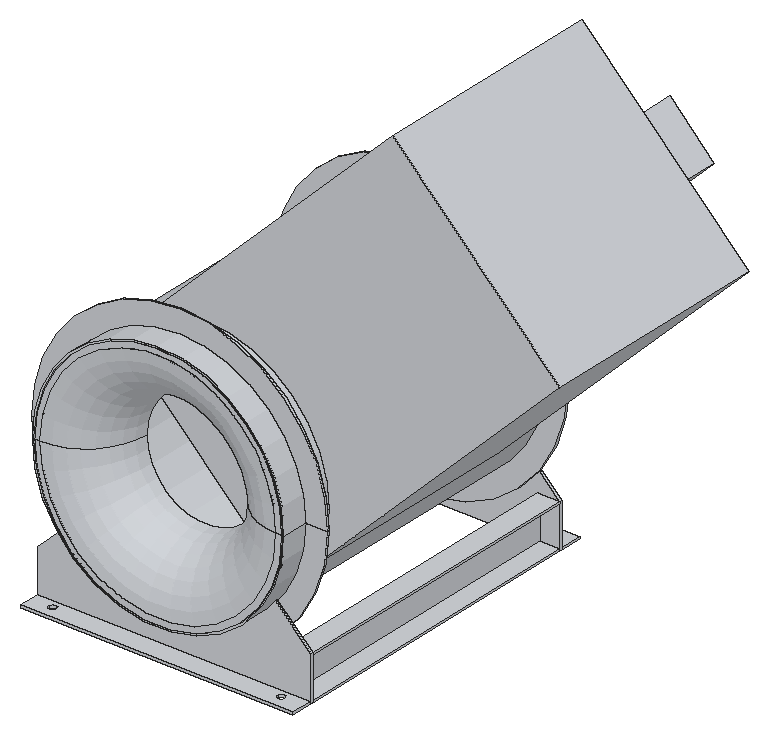
Revit family "QMX-HP_Horizontal", category Mechanical Equipment, Revit 2019
Family settings
  Round Connector Dimension = Use Radius
  Part Type = Normal
  Work Plane-Based = No
  Always vertical = Yes
  Cut with Voids When Loaded = No
  Shared = No
  Room Calculation Point = No
Parameters (values of type "120-QMX-HP_HOR_MOTOR_B")
  Unit Weight [instance] = ""
  Sones [instance] = ""
  ROTATION = 45.00°  # constant formula
  POSITION = 1' - 0"
  Motor RPM [instance] = ""
  Motor Enclosure [instance] = ""
  ModelID [instance] = ""
  MOT_H = POSITION = 7' 0"  # no
  MOT_G = POSITION = 6' 0"  # no
  MOT_F = POSITION = 5' 0"  # no
  MOT_E = POSITION = 4' 0"  # no
  MOT_D = POSITION = 3' 0"  # no
  MOT_C = POSITION = 2' 0"  # no
  MOT_B = POSITION = 1' 0"  # yes
  MOT_A = POSITION = 0' 0"  # no
  MOTOR_H = if(POSITION = 7' 0", E - D, 0' 1")  # 0' - 1"
  MOTOR_G = if(POSITION = 6' 0", E - D, 0' 1")  # 0' - 1"
  MOTOR_F = if(POSITION = 5' 0", E - D, 0' 1")  # 0' - 1"
  MOTOR_E = if(POSITION = 4' 0", E - D, 0' 1")  # 0' - 1"
  MOTOR_D = if(POSITION = 3' 0", E - D, 0' 1")  # 0' - 1"
  MOTOR_C = if(POSITION = 2' 0", E - D, 0' 1")  # 0' - 1"
  MOTOR_B = if(POSITION = 1' 0", E - D, 0' 1")  # 2' - 2 3/16"
  MOTOR_A = if(POSITION = 0' 0", E - D, 0' 1")  # 0' - 1"
  MCHALF = 0' - 8"
  MOTORCOVER = MCHALF * 2  # 1' - 4"
  LwA [instance] = ""
  H/2 = H / 2  # 0' - 0 1/4"
  H = 0' - 0 1/2"
  G/2 = G / 2  # 0' - 11 1/4"
  Fan RPM [instance] = ""
  Brake Hp [instance] = ""
  Accessories [instance] = ""
  90 = 90.00°  # constant formula
  45 = 45.00°
  3 = 0' - 3"  # constant formula
  1.9375 = 0' - 1 15/16"  # constant formula
  -B/3*2 = -B / 3 * 2  # -1' - 4"
  -(G/2)-.75 = -((G / 2) - 0' 0 3/4")  # -0' - 10 1/2"
  (G/2)-.75 = (G / 2) - 0' 0 3/4"  # 0' - 10 1/2"
  G+1.5 = G + 0' 1 1/2"  # 2' - 0"
  G = 1' - 10 1/2"
  F/2 = F / 2  # 0' - 7 3/4"
  F-1.5 = F - 0' 1 1/2"  # 1' - 2"
  F+1.5 = F + 0' 1 1/2"  # 1' - 5"
  F = 1' - 3 1/2"
  E-D-1.5 = E - D - 0' 1 1/2"  # 2' - 0 11/16"
  E-D = E - D  # 2' - 2 3/16"
  E = 3' - 0 11/16"
  D = 0' - 10 1/2"
  C/2 = C / 2  # 0' - 10 1/32"
  C = 1' - 8 1/16"
  B/8 = B / 6  # 0' - 4"
  B/6 = B / 6  # 0' - 4"
  B/3*2 = B / 3 * 2  # 1' - 4"
  B/2 = B / 2  # 1' - 0"
  B/10 = B / 10  # 0' - 2.4"
  B = 2' - 0"
  A/8 = A / 8  # 0' - 2 17/128"
  A/4 = A / 4  # 0' - 4 17/64"
  A/2 = A / 2  # 0' - 8 17/32"
  A = 1' - 5 1/16"
  0 = 0' - 0"  # constant formula
  Voltage [instance] = 0 V
  URL = "www.lorencook.com"
  Type Comments = "Mixed Flow Inline High Pressure Horizontal Mount Belt Drive Arrangement 9"  # constant formula
  Static Pressure [instance] = 0.00 in-wg
  Power [instance] = Voltage * Motor FLA * sqrt(if(Phase = 3, 3, 1))  # 0 VA
  Phase [instance] = 0
  Number of Poles [instance] = 1
  Motor Hp [instance] = "0"
  Motor FLA [instance] = 0 A
  Model = "QMX-HP"  # constant formula
  Manufacturer = "Loren Cook Company"
  CFM [instance] = 0 CFM
  1.5 = 0' - 1 1/2"  # constant formula
  ONE EIGTH = 0' - 0 1/8"  # constant formula
  -(B/2) = -(B / 2)  # -1' - 0"
  (F+3)/2 = (F + 0' 3") / 2  # 0' - 9 1/4"
  (A/2)-.125 = (A / 2) - 0' 0 1/8"  # 0' - 8 13/32"
Reference planes (in)
  plane 1 "Center (Front/Back)": y = 0
  plane 2: z = 0
  plane 3 "Center (Left/Right)": x = 0.40541
Forms (in)
  Extrusion 1, solid
    sketch origin (0, 0, 0) x (1, 0, 0) y (0, 0, 1)
      loop
        circle (0.40541, 0) r 8.53125
      loop
        circle (0.40541, 0) r 8.40625
    from -12 <- "-(B/2)" to 12 <- "B/2"
  Revolve 2, solid
    sketch origin (0, 0, 0) x (1, 0, 0) y (0, 1, 0)
      loop
        line (-8.00084, -12) -> (0.40541, -12) -> (0.40541, -8) -> (-8.00084, -8) -> (-8.00084, -12)
      axis (0.40541, -12) -> (0.40541, -8)
    angle from 0 to 360
  Revolve 3, void
    sketch origin (0, 0, 0) x (1, 0, 0) y (0, 1, 0)
      loop
        line (0.40541, -8) -> (-3.59459, -8)
        arc (-3.59459, -8) -> (-4.76616, -10.82843) -> (-7.59459, -12) r 4
        line (-7.59459, -12) -> (0.40541, -12) -> (0.40541, -8)
      axis (0.40541, -8) -> (0.40541, -12)
    angle from 0 to 360
  Revolve 4, solid
    sketch origin (0, 0, 0) x (1, 0, 0) y (0, 1, 0)
      loop
        line (0.40541, 12) -> (-3.59459, 12) -> (-3.59459, 0) -> (0.40541, 0) -> (0.40541, 12)
      axis (0.40541, 12) -> (0.40541, 0)
    angle from 0 to 360
  Revolve 5, solid
    sketch origin (0, 0, 0) x (1, 0, 0) y (0, 1, 0)
      loop
        line (-9.62584, 10.3125) -> (-9.62584, 10.1875) -> (-8.12584, 10.1875) -> (-8.12584, 10.3125) -> (-9.62584, 10.3125)
      loop
        line (-9.62584, -10.0625) -> (-9.62584, -10.1875) -> (-8.12584, -10.1875) -> (-8.12584, -10.0625) -> (-9.62584, -10.0625)
      axis (0.40541, 10.3125) -> (0.40541, -10.1875)
    angle from 0 to 360
  Extrusion 6, solid, visible <- "MOT_A"
    sketch origin (0.40541, 10.1875, 0) x (-1, 0, 0) y (0, 0, -1)
      loop
        line (2.13281, 0) -> (-2.13281, 0) -> (-2.13281, -0.875) -> (2.13281, -0.875) -> (2.13281, 0)
    from 0 to 2.4 <- "B/10"
  Extrusion 7, solid, visible <- "MOT_A"
    sketch origin (0.40541, 7.7875, 0) x (-1, 0, 0) y (0, 0, -1)
      loop
        line (8, 0) -> (-8, 0) -> (-8, -1) -> (8, -1) -> (8, 0)
    from 0 to 16 <- "B/3*2"
  Extrusion 8, solid
    sketch origin (0, 0, 0) x (1, 0, 0) y (0, 0, 1)
      loop
        line (-8.84459, -7.5) -> (-8.84459, -7.625) -> (-7.46959, -7.625) -> (-7.46959, -10.375) -> (-8.84459, -10.375) -> (-8.84459, -10.5) -> (-7.34459, -10.5) -> (-7.34459, -7.5) -> (-8.84459, -7.5)
    from -10.5 <- "-(G/2)-.75" to 10.5 <- "(G/2)-.75"
  Extrusion 9, solid
    sketch origin (0.81082, 0, 0) x (-1, 0, 0) y (0, 0, -1)
      loop
        line (-8.84459, 7.5) -> (-7.34459, 7.5) -> (-7.34459, 10.5) -> (-8.84459, 10.5) -> (-8.84459, 10.375) -> (-7.46959, 10.375) -> (-7.46959, 7.625) -> (-8.84459, 7.625) -> (-8.84459, 7.5)
    from -10.5 <- "-(G/2)-.75" to 10.5 <- "(G/2)-.75"
  Extrusion 10, solid
    sketch origin (0, -10.5, 0) x (1, 0, 0) y (0, 0, 1)
      loop
        line (9.65541, -10.5) -> (9.65541, -7.5) -> (7.24912, -5.09371)
        arc (7.24912, -5.09371) -> (0.40541, -8.53125) -> (-6.4383, -5.09371) r 8.53125
        line (-6.4383, -5.09371) -> (-8.84459, -7.5) -> (-8.84459, -10.5) -> (9.65541, -10.5)
    from 0 to 0.125
  Extrusion 11, solid
    sketch origin (0, 10.5, 0) x (-1, 0, 0) y (0, 0, 1)
      loop
        line (8.84459, -10.5) -> (8.84459, -7.5) -> (6.4383, -5.09371)
        arc (6.4383, -5.09371) -> (-0.40541, -8.53125) -> (-7.24912, -5.09371) r 8.53125
        line (-7.24912, -5.09371) -> (-9.65541, -7.5) -> (-9.65541, -10.5) -> (8.84459, -10.5)
    from 0 to 0.125
  Extrusion 12, solid
    sketch origin (8.15541, 0, -10.5) x (0, -1, 0) y (-1, 0, 0)
      loop
        line (10.625, -1.5) -> (12.125, -1.5) -> (12.125, 17) -> (10.625, 17) -> (10.625, -1.5)
      loop
        line (-10.625, -1.5) -> (-10.625, 17) -> (-12.125, 17) -> (-12.125, -1.5) -> (-10.625, -1.5)
    from 0 to -0.125
  Extrusion 13, void
    sketch origin (8.15541, 0, -10.375) x (1, 0, 0) y (0, -1, 0)
      loop
        circle (0, 11.25) r 0.25
      loop
        circle (-15.5, 11.25) r 0.25
      loop
        circle (-15.5, -11.25) r 0.25
      loop
        circle (0, -11.25) r 0.25
    from 0 to 0.125
  Extrusion 14, solid, visible <- "MOT_B"
    sketch origin (0.40541, -8.2125, 0) x (-1, 0, 0) y (0, 0, -1)
      loop
        line (5.65685, -5.65685) -> (-5.65685, 5.65685) -> (-24.17421, -12.8605) -> (-12.8605, -24.17421) -> (5.65685, -5.65685)
    from 0 to -16 <- "-B/3*2"
  Extrusion 15, solid, visible <- "MOT_C"
    sketch origin (0.40541, -8.2125, 0) x (-1, 0, 0) y (0, 0, -1)
      loop
        line (-1, -8) -> (0, -8) -> (0, 8) -> (-1, 8) -> (-1, -8)
    from 0 to -16 <- "-B/3*2"
  Extrusion 16, solid, visible <- "MOT_D"
    sketch origin (0.40541, -8.2125, 0) x (-1, 0, 0) y (0, 0, -1)
      loop
        line (5.65685, 5.65685) -> (4.94975, 6.36396) -> (-6.36396, -4.94975) -> (-5.65685, -5.65685) -> (5.65685, 5.65685)
    from 0 to -16 <- "-B/3*2"
  Extrusion 17, solid, visible <- "MOT_E"
    sketch origin (0.40541, -8.2125, 0) x (-1, 0, 0) y (0, 0, -1)
      loop
        line (8, 1) -> (-8, 1) -> (-8, 0) -> (8, 0) -> (8, 1)
    from 0 to -16 <- "-B/3*2"
  Extrusion 18, solid, visible <- "MOT_F"
    sketch origin (0.40541, -8.2125, 0) x (-1, 0, 0) y (0, 0, -1)
      loop
        line (6.36396, -4.94975) -> (-4.94975, 6.36396) -> (-5.65685, 5.65685) -> (5.65685, -5.65685) -> (6.36396, -4.94975)
    from 0 to -16 <- "-B/3*2"
  Extrusion 19, solid, visible <- "MOT_G"
    sketch origin (0.40541, -8.2125, 0) x (-1, 0, 0) y (0, 0, -1)
      loop
        line (1, -8) -> (1, 8) -> (0, 8) -> (0, -8) -> (1, -8)
    from 0 to -16 <- "-B/3*2"
  Extrusion 20, solid, visible <- "MOT_H"
    sketch origin (0.40541, -8.2125, 0) x (-1, 0, 0) y (0, 0, -1)
      loop
        line (-4.94975, -6.36396) -> (6.36396, 4.94975) -> (5.65685, 5.65685) -> (-5.65685, -5.65685) -> (-4.94975, -6.36396)
    from 0 to -16 <- "-B/3*2"
  Extrusion 21, solid, visible <- "MOT_B"
    sketch origin (0.40541, 7.7875, 0) x (1, 0, 0) y (0, 0, -1)
      loop
        line (19.9371, -16.92084) -> (1.50813, 1.50813) -> (-1.50813, -1.50813) -> (16.92084, -19.9371) -> (19.9371, -16.92084)
    from 0 to 2.4 <- "B/10"
  Extrusion 22, solid, visible <- "MOT_C"
    sketch origin (0.40541, 7.7875, 0) x (1, 0, 0) y (0, 0, -1)
      loop
        line (0.875, -2.13281) -> (0.875, 2.13281) -> (0, 2.13281) -> (0, -2.13281) -> (0.875, -2.13281)
    from 0 to 2.4 <- "B/10"
  Extrusion 23, solid, visible <- "MOT_D"
    sketch origin (0.40541, 7.7875, 0) x (1, 0, 0) y (0, 0, -1)
      loop
        line (2.12684, -0.88941) -> (-0.88941, 2.12684) -> (-1.50813, 1.50813) -> (1.50813, -1.50813) -> (2.12684, -0.88941)
    from 0 to 2.4 <- "B/10"
  Extrusion 24, solid, visible <- "MOT_E"
    sketch origin (0.40541, 7.7875, 0) x (1, 0, 0) y (0, 0, -1)
      loop
        line (2.13281, 0.875) -> (-2.13281, 0.875) -> (-2.13281, 0) -> (2.13281, 0) -> (2.13281, 0.875)
    from 0 to 2.4 <- "B/10"
  Extrusion 25, solid, visible <- "MOT_F"
    sketch origin (0.40541, 7.7875, 0) x (1, 0, 0) y (0, 0, -1)
      loop
        line (1.50813, 1.50813) -> (0.88941, 2.12684) -> (-2.12684, -0.88941) -> (-1.50813, -1.50813) -> (1.50813, 1.50813)
    from 0 to 2.4 <- "B/10"
  Extrusion 26, solid, visible <- "MOT_G"
    sketch origin (0.40541, 7.7875, 0) x (1, 0, 0) y (0, 0, -1)
      loop
        line (0, -2.13281) -> (0, 2.13281) -> (-0.875, 2.13281) -> (-0.875, -2.13281) -> (0, -2.13281)
    from 0 to 2.4 <- "B/10"
  Extrusion 27, solid, visible <- "MOT_H"
    sketch origin (0.40541, 7.7875, 0) x (1, 0, 0) y (0, 0, -1)
      loop
        line (0.88941, -2.12684) -> (1.50813, -1.50813) -> (-1.50813, 1.50813) -> (-2.12684, 0.88941) -> (0.88941, -2.12684)
    from 0 to 2.4 <- "B/10"
Cuts and joins
  Revolve 3 cuts Revolve 2
  Extrusion 13 cuts Extrusion 8
  Extrusion 13 cuts Extrusion 9
  Extrusion 13 cuts Extrusion 10
  Extrusion 13 cuts Extrusion 11
  Extrusion 13 cuts Extrusion 12
Lines and regions (in)
  reference lines
    curve 1: line (0.40541, -10.5, 0) -> (-18.11195, -10.5, 18.51736)
    curve 2: line (0.40541, -10.5, 0) -> (18.92277, -10.5, 18.51736)
    curve 3: line (-18.11195, -10.5, -18.51736) -> (0.40541, -10.5, 0)
    curve 4: line (0.40541, -10.5, 0) -> (18.92277, -10.5, -18.51736)
Dimensions and locks (in)
  "0": Extrusion 1 sketch curve to level  (x2)
  "0": Revolve 2 sketch curve to plane 3 "Center (Left/Right)"  (x2)
  "0": Revolve 2 sketch curve to Extrusion 1
  "(A/2)-.125": Revolve 2 sketch curve to plane 3 "Center (Left/Right)"
  "B/8": Revolve 2 sketch curve to Extrusion 1
  "B/8": Revolve 3 sketch curve to plane 3 "Center (Left/Right)"
  "0": Revolve 3 sketch curve to Extrusion 1
  "0": Revolve 3 sketch curve to Revolve 2
  "0": Revolve 3 sketch curve to plane 3 "Center (Left/Right)"  (x2)
  "0": Revolve 4 sketch curve to plane 1 "Center (Front/Back)"
  "0": Revolve 4 sketch curve to plane 3 "Center (Left/Right)"  (x2)
  "B/8": Revolve 4 sketch curve to Revolve 4 sketch curve
  "ONE EIGTH": Revolve 5 sketch curve to Revolve 5 sketch curve  (x2)
  "A/2": Revolve 5 sketch curve to plane 3 "Center (Left/Right)"  (x2)
  "C/2": Revolve 5 sketch curve to plane 3 "Center (Left/Right)"  (x2)
  "0": Revolve 5 sketch curve to plane 3 "Center (Left/Right)"
  "(F+3)/2": plane 3 "Center (Left/Right)" to Extrusion 8 sketch curve
  "3": Extrusion 8 sketch curve to Extrusion 8 sketch curve
  "ONE EIGTH": Extrusion 8 sketch curve to Extrusion 8 sketch curve  (x3)
  "1.5": Extrusion 8 sketch curve to Extrusion 8 sketch curve
  "D": level to Extrusion 8 sketch curve
  "3": Extrusion 9 sketch curve to Extrusion 9 sketch curve
  "ONE EIGTH": Extrusion 9 sketch curve to Extrusion 9 sketch curve  (x3)
  "1.5": Extrusion 9 sketch curve to Extrusion 9 sketch curve
  "D": level to Extrusion 9 sketch curve
  "(F+3)/2": Extrusion 9 sketch curve to plane 3 "Center (Left/Right)"
  "0": Extrusion 10 sketch curve to plane 3 "Center (Left/Right)"
  "0": level to Extrusion 10 sketch curve
  "0": Extrusion 9 to Extrusion 10 sketch curve  (x3)
  "0": Extrusion 10 sketch curve to Extrusion 8  (x2)
  "0": Extrusion 10 sketch curve to Extrusion 10 sketch curve
  Extrusion 9 to Extrusion 10 = 0' - 0"
  "0": Extrusion 10 to Extrusion 11 sketch curve
  "0": Extrusion 11 sketch curve to level
  "0": Extrusion 11 sketch curve to plane 3 "Center (Left/Right)"
  "0": Extrusion 12 sketch curve to Extrusion 8  (x2)
  "1.5": Extrusion 10 to Extrusion 12 sketch curve
  "0": Extrusion 12 sketch curve to Extrusion 10
  "0": Extrusion 9 to Extrusion 12 sketch curve
  "0": Extrusion 12 sketch curve to Extrusion 11
  "1.5": Extrusion 12 sketch curve to Extrusion 11
  "0": Extrusion 12 sketch curve to Extrusion 9
  "G/2": plane 1 "Center (Front/Back)" to Extrusion 13 sketch curve  (x2)
  "F/2": plane 3 "Center (Left/Right)" to Extrusion 13 sketch curve  (x2)
  "F/2": Extrusion 13 sketch curve to plane 3 "Center (Left/Right)"  (x2)
  "G/2": Extrusion 13 sketch curve to plane 1 "Center (Front/Back)"  (x2)
  "1.9375": cut or joined group of Extrusion 12, Extrusion 13 to Revolve 5 sketch curve  (x2)
  "0": Extrusion 1 to Revolve 4 sketch curve
  "0": curve 1 to level
  "0": plane 3 "Center (Left/Right)" to curve 1
  "E-D": curve 1 to curve 1
  "0": curve 2 to plane 3 "Center (Left/Right)"
  "0": curve 2 to level
  "E-D": curve 2 to curve 2
  "MCHALF": plane 3 "Center (Left/Right)" to Extrusion 7 sketch curve
  "MCHALF": Extrusion 7 sketch curve to plane 3 "Center (Left/Right)"
  "0": Extrusion 7 sketch curve to level
  "MOTOR_A": Extrusion 7 sketch curve to level
  "0": Extrusion 6 sketch curve to level
  "ONE EIGTH": Extrusion 7 to Extrusion 6 sketch curve
  "A/8": plane 3 "Center (Left/Right)" to Extrusion 6 sketch curve  (x2)
  "0": level to curve 3
  "0": level to curve 4
  "0": curve 4 to plane 3 "Center (Left/Right)"
  "0": plane 3 "Center (Left/Right)" to curve 3
  "E-D": curve 3 to curve 3
  "E-D": curve 4 to curve 4
  "MCHALF": Extrusion 14 sketch curve to curve 2
  "MCHALF": curve 2 to Extrusion 14 sketch curve
  "MOTOR_B": Extrusion 14 sketch curve to Extrusion 14 sketch curve
  "0": Extrusion 14 sketch curve to curve 4
  "0": Extrusion 15 sketch curve to plane 3 "Center (Left/Right)"
  "MOTOR_C": Extrusion 15 sketch curve to plane 3 "Center (Left/Right)"
  "MCHALF": Extrusion 15 sketch curve to level
  "MCHALF": level to Extrusion 15 sketch curve
  "0": Extrusion 16 sketch curve to curve 3
  "MOTOR_D": Extrusion 16 sketch curve to curve 3
  "MCHALF": curve 4 to Extrusion 16 sketch curve
  "MCHALF": Extrusion 16 sketch curve to curve 4
  "0": Extrusion 17 sketch curve to level
  "MOTOR_E": level to Extrusion 17 sketch curve
  "MCHALF": Extrusion 17 sketch curve to plane 3 "Center (Left/Right)"  (x2)
  "0": curve 1 to Extrusion 18 sketch curve
  "MOTOR_F": curve 1 to Extrusion 18 sketch curve
  "MCHALF": Extrusion 18 sketch curve to curve 3  (x2)
  "0": Extrusion 19 sketch curve to plane 3 "Center (Left/Right)"
  "MOTOR_G": plane 3 "Center (Left/Right)" to Extrusion 19 sketch curve
  "MCHALF": Extrusion 19 sketch curve to level
  "MCHALF": level to Extrusion 19 sketch curve
  "0": curve 3 to Extrusion 20 sketch curve
  "MOTOR_H": curve 3 to Extrusion 20 sketch curve
  "MCHALF": Extrusion 20 sketch curve to curve 1  (x2)
  "0": Extrusion 21 sketch curve to curve 4
  "ONE EIGTH": Extrusion 21 sketch curve to Extrusion 14
  "A/8": curve 2 to Extrusion 21 sketch curve  (x2)
  "0": Extrusion 22 sketch curve to plane 3 "Center (Left/Right)"
  "ONE EIGTH": Extrusion 22 sketch curve to Extrusion 15
  "A/8": level to Extrusion 22 sketch curve
  "A/8": Extrusion 22 sketch curve to level
  "ONE EIGTH": Extrusion 16 to Extrusion 23 sketch curve
  "0": curve 3 to Extrusion 23 sketch curve
  "A/8": Extrusion 23 sketch curve to curve 4
  "A/8": curve 4 to Extrusion 23 sketch curve
  "ONE EIGTH": Extrusion 17 to Extrusion 24 sketch curve
  "0": Extrusion 24 sketch curve to level
  "A/8": Extrusion 24 sketch curve to Extrusion 19  (x2)
  "0": curve 4 to Extrusion 25 sketch curve
  "ONE EIGTH": Extrusion 18 to Extrusion 25 sketch curve
  "A/8": Extrusion 25 sketch curve to curve 3  (x2)
  "A/8": level to Extrusion 26 sketch curve
  "A/8": Extrusion 26 sketch curve to level
  "0": plane 3 "Center (Left/Right)" to Extrusion 26 sketch curve
  "ONE EIGTH": Extrusion 26 sketch curve to Extrusion 19
  "ONE EIGTH": Extrusion 27 sketch curve to Extrusion 20
  "0": Extrusion 27 sketch curve to Extrusion 20
  "A/8": curve 1 to Extrusion 27 sketch curve  (x2)
  "A/2": radius of Extrusion 1 sketch curve
  "(A/2)-.125": radius of Extrusion 1 sketch curve
  "B/8": radius of Revolve 3 sketch curve
  "A/2": radius of Extrusion 10 sketch curve
  "A/2": radius of Extrusion 11 sketch curve
  "H/2": radius of Extrusion 13 sketch curve  (x4)
  "45": angle Extrusion 8 to Extrusion 10 sketch curve
  "45": angle Extrusion 10 sketch curve to Extrusion 9
  "45": angle Extrusion 11 sketch curve to Extrusion 10
  "45": angle Extrusion 10 to Extrusion 11 sketch curve
  "ROTATION": angle curve 1 to level
  "90": angle curve 2 to curve 1
  "45": angle level to curve 3
  "45": angle curve 4 to level
Automatic sketch dimensions
  Extrusion 1 sketch curve to Extrusion 1 sketch curve = 0' - 0"
  Extrusion 1 sketch curve to plane 3 "Center (Left/Right)" = 0' - 0"
  Revolve 2 sketch curve to Revolve 2 sketch curve = 0' - 0"
  plane 1 "Center (Front/Back)" to Revolve 2 sketch curve = 0' - 3.17163"
  Revolve 3 sketch curve to Revolve 3 sketch curve = 0' - 0"  (x3)
  Revolve 3 sketch curve to Revolve 3 sketch curve = 0' - 3"
  Revolve 4 sketch curve to plane 1 "Center (Front/Back)" = 0' - 0"
  Revolve 4 sketch curve to Revolve 4 sketch curve = 0' - 4"
  Revolve 5 sketch curve to Revolve 5 sketch curve = 0' - 1 1/2"
  Revolve 5 sketch curve to Revolve 5 sketch curve = 0' - 4"
  Extrusion 8 sketch curve to Extrusion 8 sketch curve = 0' - 1 3/8"
  Extrusion 9 sketch curve to Extrusion 9 sketch curve = 0' - 0"
  Extrusion 10 sketch curve to Extrusion 8 = 0' - 0"
  Extrusion 10 sketch curve to Extrusion 10 sketch curve = 0' - 0"
  Extrusion 11 sketch curve to Extrusion 8 = 0' - 0"  (x4)
Connectors (in)
  hvac at (0.40541, -12, 0), driven by "A/2"
    settings: on cut or joined group of Revolve 2, Revolve 3, index 1, duct flow 0 CFM, flow factor 0, pres drop 0.00 in-wg, loss coef 0, conn angle 0.00°, conn width 12", conn height 12", conn diameter 17 1/16", duct sys type 29, conn prof type 0, flow config 0, flow direction 1, loss method 0, conn ref index -1, conn util no, is conn primary yes, conn desc ""
  hvac at (0.40541, 12, 0), driven by "A/2"
    settings: on Extrusion 1, index 2, duct flow 0 CFM, flow factor 0, pres drop 0.00 in-wg, loss coef 0, conn angle 0.00°, conn width 12", conn height 12", conn diameter 17 1/16", duct sys type 29, conn prof type 0, flow config 0, flow direction 2, loss method 0, conn ref index -1, conn util no, is conn primary no, conn desc ""
  electrical at (0.40541, -10.1875, 0)
    settings: on Revolve 5, index 3, voltage 0 V, apparent load 0 VA, apparent load phase1 0 VA, apparent load phase2 0 VA, apparent load phase3 0 VA, power factor 1, load classification "Other", number of poles 1, system type 31, power factor state 1, is connector primary yes, connector utility no, sub classification motor no, connector description ""
Types (145): name | POSITION | MOT_H | MOT_G | MOT_F | MOT_E | MOT_D | MOT_C | MOT_B | MOT_A | MOTOR_H | MOTOR_G | MOTOR_F | MOTOR_E | MOTOR_D | MOTOR_C | MOTOR_B | MOTOR_A | MCHALF | MOTORCOVER | H/2 | H | G/2 | -B/3*2 | -(G/2)-.75 | (G/2)-.75 | G+1.5 | G | F/2 | F-1.5 | F+1.5 | F | E-D-1.5 | E-D | E | D | C/2 | C | B/8 | B/6 | B/3*2 | B/2 | B/10 | B | A/8 | A/4 | A/2 | A | -(B/2) | (F+3)/2 | (A/2)-.125
  (no name) | 1' - 0" | no | no | no | no | no | no | yes | no | 0' - 1" | 0' - 1" | 0' - 1" | 0' - 1" | 0' - 1" | 0' - 1" | 2' - 2 3/16" | 0' - 1" | 0' - 8" | 1' - 4" | 0' - 0 1/4" | 0' - 0 1/2" | 0' - 11 1/4" | -1' - 4" | -0' - 10 1/2" | 0' - 10 1/2" | 2' - 0" | 1' - 10 1/2" | 0' - 7 3/4" | 1' - 2" | 1' - 5" | 1' - 3 1/2" | 2' - 0 11/16" | 2' - 2 3/16" | 3' - 0 11/16" | 0' - 10 1/2" | 0' - 10 1/32" | 1' - 8 1/16" | 0' - 4" | 0' - 4" | 1' - 4" | 1' - 0" | 0' - 2.4" | 2' - 0" | 0' - 2 17/128" | 0' - 4 17/64" | 0' - 8 17/32" | 1' - 5 1/16" | -1' - 0" | 0' - 9 1/4" | 0' - 8 13/32"
  90-QMX-HP_HOR_MOTOR_A | 0' - 0" | no | no | no | no | no | no | no | yes | 0' - 1" | 0' - 1" | 0' - 1" | 0' - 1" | 0' - 1" | 0' - 1" | 0' - 1" | 1' - 10 3/4" | 0' - 6" | 1' - 0" | 0' - 0 1/4" | 0' - 0 1/2" | 0' - 9 3/16" | -1' - 1 1/4" | -0' - 8 7/16" | 0' - 8 7/16" | 1' - 7 7/8" | 1' - 6 3/8" | 0' - 6 3/16" | 0' - 10 7/8" | 1' - 1 7/8" | 1' - 0 3/8" | 1' - 9 1/4" | 1' - 10 3/4" | 2' - 7 1/4" | 0' - 8 1/2" | 0' - 7 15/16" | 1' - 3 7/8" | 0' - 3 5/16" | 0' - 3 5/16" | 1' - 1 1/4" | 0' - 9 15/16" | 0' - 1.9875" | 1' - 7 7/8" | 0' - 1 77/128" | 0' - 3 13/64" | 0' - 6 13/32" | 1' - 0 13/16" | -0' - 9 15/16" | 0' - 7 11/16" | 0' - 6 9/32"
  120-QMX-HP_HOR_MOTOR_A | 0' - 0" | no | no | no | no | no | no | no | yes | 0' - 1" | 0' - 1" | 0' - 1" | 0' - 1" | 0' - 1" | 0' - 1" | 0' - 1" | 2' - 2 3/16" | 0' - 8" | 1' - 4" | 0' - 0 1/4" | 0' - 0 1/2" | 0' - 11 1/4" | -1' - 4" | -0' - 10 1/2" | 0' - 10 1/2" | 2' - 0" | 1' - 10 1/2" | 0' - 7 3/4" | 1' - 2" | 1' - 5" | 1' - 3 1/2" | 2' - 0 11/16" | 2' - 2 3/16" | 3' - 0 11/16" | 0' - 10 1/2" | 0' - 10 1/32" | 1' - 8 1/16" | 0' - 4" | 0' - 4" | 1' - 4" | 1' - 0" | 0' - 2.4" | 2' - 0" | 0' - 2 17/128" | 0' - 4 17/64" | 0' - 8 17/32" | 1' - 5 1/16" | -1' - 0" | 0' - 9 1/4" | 0' - 8 13/32"
  135-QMX-HP_HOR_MOTOR_A | 0' - 0" | no | no | no | no | no | no | no | yes | 0' - 1" | 0' - 1" | 0' - 1" | 0' - 1" | 0' - 1" | 0' - 1" | 0' - 1" | 2' - 3 1/2" | 0' - 9" | 1' - 6" | 0' - 0 1/4" | 0' - 0 1/2" | 1' - 0 3/4" | -1' - 6" | -1' - 0" | 1' - 0" | 2' - 3" | 2' - 1 1/2" | 0' - 8 3/4" | 1' - 4" | 1' - 7" | 1' - 5 1/2" | 2' - 2" | 2' - 3 1/2" | 3' - 3 1/2" | 1' - 0" | 0' - 11 1/8" | 1' - 10 1/4" | 0' - 4 1/2" | 0' - 4 1/2" | 1' - 6" | 1' - 1 1/2" | 0' - 2.7" | 2' - 3" | 0' - 2 13/32" | 0' - 4 13/16" | 0' - 9 5/8" | 1' - 7 1/4" | -1' - 1 1/2" | 0' - 10 1/4" | 0' - 9 1/2"
  150-QMX-HP_HOR_MOTOR_A | 0' - 0" | no | no | no | no | no | no | no | yes | 0' - 1" | 0' - 1" | 0' - 1" | 0' - 1" | 0' - 1" | 0' - 1" | 0' - 1" | 2' - 4 7/8" | 0' - 10" | 1' - 8" | 0' - 0 1/4" | 0' - 0 1/2" | 1' - 2 5/16" | -1' - 8" | -1' - 1 9/16" | 1' - 1 9/16" | 2' - 6 1/8" | 2' - 4 5/8" | 0' - 9 3/8" | 1' - 5 1/4" | 1' - 8 1/4" | 1' - 6 3/4" | 2' - 3 3/8" | 2' - 4 7/8" | 3' - 6 1/16" | 1' - 1 3/16" | 1' - 0 3/16" | 2' - 0 3/8" | 0' - 5" | 0' - 5" | 1' - 8" | 1' - 3" | 0' - 3" | 2' - 6" | 0' - 2 43/64" | 0' - 5 11/32" | 0' - 10 11/16" | 1' - 9 3/8" | -1' - 3" | 0' - 10 7/8" | 0' - 10 9/16"
  165-QMX-HP_HOR_MOTOR_A | 0' - 0" | no | no | no | no | no | no | no | yes | 0' - 1" | 0' - 1" | 0' - 1" | 0' - 1" | 0' - 1" | 0' - 1" | 0' - 1" | 2' - 5 7/16" | 0' - 10" | 1' - 8" | 0' - 0 1/4" | 0' - 0 1/2" | 1' - 3 13/16" | -1' - 10" | -1' - 3 1/16" | 1' - 3 1/16" | 2' - 9 1/8" | 2' - 7 5/8" | 0' - 10 13/32" | 1' - 7 5/16" | 1' - 10 5/16" | 1' - 8 13/16" | 2' - 3 15/16" | 2' - 5 7/16" | 3' - 7 3/4" | 1' - 2 5/16" | 1' - 1 1/4" | 2' - 2 1/2" | 0' - 5 1/2" | 0' - 5 1/2" | 1' - 10" | 1' - 4 1/2" | 0' - 3.3" | 2' - 9" | 0' - 2 15/16" | 0' - 5 7/8" | 0' - 11 3/4" | 1' - 11 1/2" | -1' - 4 1/2" | 0' - 11 29/32" | 0' - 11 5/8"
  180-QMX-HP_HOR_MOTOR_A | 0' - 0" | no | no | no | no | no | no | no | yes | 0' - 1" | 0' - 1" | 0' - 1" | 0' - 1" | 0' - 1" | 0' - 1" | 0' - 1" | 2' - 6 3/4" | 0' - 10" | 1' - 8" | 0' - 0 9/32" | 0' - 0 9/16" | 1' - 4 13/16" | -1' - 11.33333" | -1' - 4 1/16" | 1' - 4 1/16" | 2' - 11 1/8" | 2' - 9 5/8" | 0' - 11 13/32" | 1' - 9 5/16" | 2' - 0 5/16" | 1' - 10 13/16" | 2' - 5 1/4" | 2' - 6 3/4" | 3' - 10 1/4" | 1' - 3 1/2" | 1' - 2 5/16" | 2' - 4 5/8" | 0' - 5.83333" | 0' - 5.83333" | 1' - 11.33333" | 1' - 5 1/2" | 0' - 3 1/2" | 2' - 11" | 0' - 3 13/64" | 0' - 6 13/32" | 1' - 0 13/16" | 2' - 1 5/8" | -1' - 5 1/2" | 1' - 0 29/32" | 1' - 0 11/16"
  202-QMX-HP_HOR_MOTOR_A | 0' - 0" | no | no | no | no | no | no | no | yes | 0' - 1" | 0' - 1" | 0' - 1" | 0' - 1" | 0' - 1" | 0' - 1" | 0' - 1" | 2' - 8 11/16" | 0' - 10" | 1' - 8" | 0' - 0 9/32" | 0' - 0 9/16" | 1' - 6 1/16" | -2' - 1" | -1' - 5 5/16" | 1' - 5 5/16" | 3' - 1 5/8" | 3' - 0 1/8" | 1' - 0 1/8" | 1' - 10 3/4" | 2' - 1 3/4" | 2' - 0 1/4" | 2' - 7 3/16" | 2' - 8 11/16" | 4' - 1 15/16" | 1' - 5 1/4" | 1' - 3 7/8" | 2' - 7 3/4" | 0' - 6 1/4" | 0' - 6 1/4" | 2' - 1" | 1' - 6 3/4" | 0' - 3 3/4" | 3' - 1 1/2" | 0' - 3 19/32" | 0' - 7 3/16" | 1' - 2 3/8" | 2' - 4 3/4" | -1' - 6 3/4" | 1' - 1 5/8" | 1' - 2 1/4"
  225-QMX-HP_HOR_MOTOR_A | 0' - 0" | no | no | no | no | no | no | no | yes | 0' - 1" | 0' - 1" | 0' - 1" | 0' - 1" | 0' - 1" | 0' - 1" | 0' - 1" | 3' - 0 13/16" | 0' - 10 165/256" | 1' - 9 37/128" | 0' - 0 9/32" | 0' - 0 9/16" | 1' - 7 13/16" | -2' - 3.33333" | -1' - 7 1/16" | 1' - 7 1/16" | 3' - 5 1/8" | 3' - 3 5/8" | 1' - 1 15/32" | 2' - 1 7/16" | 2' - 4 7/16" | 2' - 2 15/16" | 2' - 11 5/16" | 3' - 0 13/16" | 4' - 7 13/16" | 1' - 7" | 1' - 5 15/32" | 2' - 10 15/16" | 0' - 6.83333" | 0' - 6.83333" | 2' - 3.33333" | 1' - 8 1/2" | 0' - 4.1" | 3' - 5" | 0' - 3 127/128" | 0' - 7 63/64" | 1' - 3 31/32" | 2' - 7 15/16" | -1' - 8 1/2" | 1' - 2 31/32" | 1' - 3 27/32"
  245-QMX-HP_HOR_MOTOR_A | 0' - 0" | no | no | no | no | no | no | no | yes | 0' - 1" | 0' - 1" | 0' - 1" | 0' - 1" | 0' - 1" | 0' - 1" | 0' - 1" | 3' - 2 1/2" | 0' - 11 149/256" | 1' - 11 21/128" | 0' - 0 11/32" | 0' - 0 11/16" | 1' - 9 9/16" | -2' - 5.66667" | -1' - 8 13/16" | 1' - 8 13/16" | 3' - 8 5/8" | 3' - 7 1/8" | 1' - 2 15/32" | 2' - 3 7/16" | 2' - 6 7/16" | 2' - 4 15/16" | 3' - 1" | 3' - 2 1/2" | 4' - 11" | 1' - 8 1/2" | 1' - 6 7/8" | 3' - 1 3/4" | 0' - 7.41667" | 0' - 7.41667" | 2' - 5.66667" | 1' - 10 1/4" | 0' - 4.45" | 3' - 8 1/2" | 0' - 4 11/32" | 0' - 8 11/16" | 1' - 5 3/8" | 2' - 10 3/4" | -1' - 10 1/4" | 1' - 3 31/32" | 1' - 5 1/4"
  270-QMX-HP_HOR_MOTOR_A | 0' - 0" | no | no | no | no | no | no | no | yes | 0' - 1" | 0' - 1" | 0' - 1" | 0' - 1" | 0' - 1" | 0' - 1" | 0' - 1" | 3' - 4 7/16" | 1' - 0 197/256" | 2' - 1 69/128" | 0' - 0 11/32" | 0' - 0 11/16" | 1' - 10 13/16" | -2' - 7.33333" | -1' - 10 1/16" | 1' - 10 1/16" | 3' - 11 1/8" | 3' - 9 5/8" | 1' - 3 1/2" | 2' - 5 1/2" | 2' - 8 1/2" | 2' - 7" | 3' - 2 15/16" | 3' - 4 7/16" | 5' - 2 7/8" | 1' - 10 7/16" | 1' - 8 21/32" | 3' - 5 5/16" | 0' - 7.83333" | 0' - 7.83333" | 2' - 7.33333" | 1' - 11 1/2" | 0' - 4.7" | 3' - 11" | 0' - 4 101/128" | 0' - 9 37/64" | 1' - 7 5/32" | 3' - 2 5/16" | -1' - 11 1/2" | 1' - 5" | 1' - 7 1/32"
  300-QMX-HP_HOR_MOTOR_A | 0' - 0" | no | no | no | no | no | no | no | yes | 0' - 1" | 0' - 1" | 0' - 1" | 0' - 1" | 0' - 1" | 0' - 1" | 0' - 1" | 3' - 7 5/16" | 1' - 2 43/256" | 2' - 4 43/128" | 0' - 0 11/32" | 0' - 0 11/16" | 2' - 2 5/16" | -3' - 0" | -2' - 1 9/16" | 2' - 1 9/16" | 4' - 6 1/8" | 4' - 4 5/8" | 1' - 4 7/8" | 2' - 8 1/4" | 2' - 11 1/4" | 2' - 9 3/4" | 3' - 5 13/16" | 3' - 7 5/16" | 5' - 8 1/16" | 2' - 0 3/4" | 1' - 10 3/4" | 3' - 9 1/2" | 0' - 9" | 0' - 9" | 3' - 0" | 2' - 3" | 0' - 5.4" | 4' - 6" | 0' - 5 5/16" | 0' - 10 5/8" | 1' - 9 1/4" | 3' - 6 1/2" | -2' - 3" | 1' - 6 3/8" | 1' - 9 1/8"
  330-QMX-HP_HOR_MOTOR_A | 0' - 0" | no | no | no | no | no | no | no | yes | 0' - 1" | 0' - 1" | 0' - 1" | 0' - 1" | 0' - 1" | 0' - 1" | 0' - 1" | 3' - 11 13/16" | 1' - 3 149/256" | 2' - 7 21/128" | 0' - 0 11/32" | 0' - 0 11/16" | 2' - 4 9/16" | -3' - 3" | -2' - 3 13/16" | 2' - 3 13/16" | 4' - 10 5/8" | 4' - 9 1/8" | 1' - 6 3/8" | 2' - 11 1/4" | 3' - 2 1/4" | 3' - 0 3/4" | 3' - 10 5/16" | 3' - 11 13/16" | 6' - 2 13/16" | 2' - 3" | 2' - 0 7/8" | 4' - 1 3/4" | 0' - 9 3/4" | 0' - 9 3/4" | 3' - 3" | 2' - 5 1/4" | 0' - 5.85" | 4' - 10 1/2" | 0' - 5 27/32" | 0' - 11 11/16" | 1' - 11 3/8" | 3' - 10 3/4" | -2' - 5 1/4" | 1' - 7 7/8" | 1' - 11 1/4"
  365-QMX-HP_HOR_MOTOR_A | 0' - 0" | no | no | no | no | no | no | no | yes | 0' - 1" | 0' - 1" | 0' - 1" | 0' - 1" | 0' - 1" | 0' - 1" | 0' - 1" | 4' - 2 7/16" | 1' - 5 1/4" | 2' - 10 1/2" | 0' - 0 13/32" | 0' - 0 13/16" | 2' - 7 11/16" | -3' - 6.66667" | -2' - 6 15/16" | 2' - 6 15/16" | 5' - 4 7/8" | 5' - 3 3/8" | 1' - 8 1/4" | 3' - 3" | 3' - 6" | 3' - 4 1/2" | 4' - 0 15/16" | 4' - 2 7/16" | 6' - 8 1/4" | 2' - 5 13/16" | 2' - 3 3/8" | 4' - 6 3/4" | 0' - 10.66667" | 0' - 10.66667" | 3' - 6.66667" | 2' - 8" | 0' - 6.4" | 5' - 4" | 0' - 6 15/32" | 1' - 0 15/16" | 2' - 1 7/8" | 4' - 3 3/4" | -2' - 8" | 1' - 9 3/4" | 2' - 1 3/4"
  402-QMX-HP_HOR_MOTOR_A | 0' - 0" | no | no | no | no | no | no | no | yes | 0' - 1" | 0' - 1" | 0' - 1" | 0' - 1" | 0' - 1" | 0' - 1" | 0' - 1" | 4' - 7 5/8" | 1' - 6 251/256" | 3' - 1 123/128" | 0' - 0 13/32" | 0' - 0 13/16" | 2' - 9 15/16" | -3' - 9.66667" | -2' - 9 3/16" | 2' - 9 3/16" | 5' - 9 3/8" | 5' - 7 7/8" | 1' - 10" | 3' - 6 1/2" | 3' - 9 1/2" | 3' - 8" | 4' - 6 1/8" | 4' - 7 5/8" | 7' - 4 5/16" | 2' - 8 11/16" | 2' - 5 31/32" | 4' - 11 15/16" | 0' - 11.41667" | 0' - 11.41667" | 3' - 9.66667" | 2' - 10 1/4" | 0' - 6.85" | 5' - 8 1/2" | 0' - 7 15/128" | 1' - 2 15/64" | 2' - 4 15/32" | 4' - 8 15/16" | -2' - 10 1/4" | 1' - 11 1/2" | 2' - 4 11/32"
  445-QMX-HP_HOR_MOTOR_A | 0' - 0" | no | no | no | no | no | no | no | yes | 0' - 1" | 0' - 1" | 0' - 1" | 0' - 1" | 0' - 1" | 0' - 1" | 0' - 1" | 4' - 10 7/8" | 1' - 9 5/256" | 3' - 6 5/128" | 0' - 0 13/32" | 0' - 0 13/16" | 3' - 0 11/16" | -4' - 1.33333" | -2' - 11 15/16" | 2' - 11 15/16" | 6' - 2 7/8" | 6' - 1 3/8" | 2' - 0 1/8" | 3' - 10 3/4" | 4' - 1 3/4" | 4' - 0 1/4" | 4' - 9 3/8" | 4' - 10 7/8" | 7' - 10 7/8" | 3' - 0" | 2' - 9 1/32" | 5' - 6 1/16" | 1' - 0.33333" | 1' - 0.33333" | 4' - 1.33333" | 3' - 1" | 0' - 7.4" | 6' - 2" | 0' - 7 113/128" | 1' - 3 49/64" | 2' - 7 17/32" | 5' - 3 1/16" | -3' - 1" | 2' - 1 5/8" | 2' - 7 13/32"
  490-QMX-HP_HOR_MOTOR_A | 0' - 0" | no | no | no | no | no | no | no | yes | 0' - 1" | 0' - 1" | 0' - 1" | 0' - 1" | 0' - 1" | 0' - 1" | 0' - 1" | 5' - 3 15/16" | 1' - 11 1/8" | 3' - 10 1/4" | 0' - 0 13/32" | 0' - 0 13/16" | 3' - 3 15/16" | -4' - 5.66667" | -3' - 3 3/16" | 3' - 3 3/16" | 6' - 9 3/8" | 6' - 7 7/8" | 2' - 2 3/8" | 4' - 3 1/4" | 4' - 6 1/4" | 4' - 4 3/4" | 5' - 2 7/16" | 5' - 3 15/16" | 8' - 7 3/8" | 3' - 3 7/16" | 3' - 0 3/16" | 6' - 0 3/8" | 1' - 1.41667" | 1' - 1.41667" | 4' - 5.66667" | 3' - 4 1/4" | 0' - 8.05" | 6' - 8 1/2" | 0' - 8 43/64" | 1' - 5 11/32" | 2' - 10 11/16" | 5' - 9 3/8" | -3' - 4 1/4" | 2' - 3 7/8" | 2' - 10 9/16"
  540-QMX-HP_HOR_MOTOR_A | 0' - 0" | no | no | no | no | no | no | no | yes | 0' - 1" | 0' - 1" | 0' - 1" | 0' - 1" | 0' - 1" | 0' - 1" | 0' - 1" | 5' - 7 5/8" | 2' - 1 123/256" | 4' - 2 123/128" | 0' - 0 13/32" | 0' - 0 13/16" | 3' - 7 3/16" | -4' - 10" | -3' - 6 7/16" | 3' - 6 7/16" | 7' - 3 7/8" | 7' - 2 3/8" | 2' - 5" | 4' - 8 1/2" | 4' - 11 1/2" | 4' - 10" | 5' - 6 1/8" | 5' - 7 5/8" | 9' - 2 15/16" | 3' - 7 5/16" | 3' - 3 23/32" | 6' - 7 7/16" | 1' - 2 1/2" | 1' - 2 1/2" | 4' - 10" | 3' - 7 1/2" | 0' - 8.7" | 7' - 3" | 0' - 9 71/128" | 1' - 7 7/64" | 3' - 2 7/32" | 6' - 4 7/16" | -3' - 7 1/2" | 2' - 6 1/2" | 3' - 2 3/32"
  600-QMX-HP_HOR_MOTOR_A | 0' - 0" | no | no | no | no | no | no | no | yes | 0' - 1" | 0' - 1" | 0' - 1" | 0' - 1" | 0' - 1" | 0' - 1" | 0' - 1" | 6' - 0 1/16" | 2' - 1 123/256" | 4' - 2 123/128" | 0' - 0 13/32" | 0' - 0 13/16" | 3' - 11 7/16" | -5' - 3.66667" | -3' - 10 11/16" | 3' - 10 11/16" | 8' - 0 3/8" | 7' - 10 7/8" | 2' - 8" | 5' - 2 1/2" | 5' - 5 1/2" | 5' - 4" | 5' - 10 9/16" | 6' - 0 1/16" | 10' - 2 1/16" | 4' - 2" | 3' - 7 15/16" | 7' - 3 7/8" | 1' - 3.91667" | 1' - 3.91667" | 5' - 3.66667" | 3' - 11 3/4" | 0' - 9.55" | 7' - 11 1/2" | 0' - 10 39/64" | 1' - 9 7/32" | 3' - 6 7/16" | 7' - 0 7/8" | -3' - 11 3/4" | 2' - 9 1/2" | 3' - 6 5/16"
  90-QMX-HP_HOR_MOTOR_B | 1' - 0" | no | no | no | no | no | no | yes | no | 0' - 1" | 0' - 1" | 0' - 1" | 0' - 1" | 0' - 1" | 0' - 1" | 1' - 10 3/4" | 0' - 1" | 0' - 6" | 1' - 0" | 0' - 0 1/4" | 0' - 0 1/2" | 0' - 9 3/16" | -1' - 1 1/4" | -0' - 8 7/16" | 0' - 8 7/16" | 1' - 7 7/8" | 1' - 6 3/8" | 0' - 6 3/16" | 0' - 10 7/8" | 1' - 1 7/8" | 1' - 0 3/8" | 1' - 9 1/4" | 1' - 10 3/4" | 2' - 7 1/4" | 0' - 8 1/2" | 0' - 7 15/16" | 1' - 3 7/8" | 0' - 3 5/16" | 0' - 3 5/16" | 1' - 1 1/4" | 0' - 9 15/16" | 0' - 1.9875" | 1' - 7 7/8" | 0' - 1 77/128" | 0' - 3 13/64" | 0' - 6 13/32" | 1' - 0 13/16" | -0' - 9 15/16" | 0' - 7 11/16" | 0' - 6 9/32"
  90-QMX-HP_HOR_MOTOR_C | 2' - 0" | no | no | no | no | no | yes | no | no | 0' - 1" | 0' - 1" | 0' - 1" | 0' - 1" | 0' - 1" | 1' - 10 3/4" | 0' - 1" | 0' - 1" | 0' - 6" | 1' - 0" | 0' - 0 1/4" | 0' - 0 1/2" | 0' - 9 3/16" | -1' - 1 1/4" | -0' - 8 7/16" | 0' - 8 7/16" | 1' - 7 7/8" | 1' - 6 3/8" | 0' - 6 3/16" | 0' - 10 7/8" | 1' - 1 7/8" | 1' - 0 3/8" | 1' - 9 1/4" | 1' - 10 3/4" | 2' - 7 1/4" | 0' - 8 1/2" | 0' - 7 15/16" | 1' - 3 7/8" | 0' - 3 5/16" | 0' - 3 5/16" | 1' - 1 1/4" | 0' - 9 15/16" | 0' - 1.9875" | 1' - 7 7/8" | 0' - 1 77/128" | 0' - 3 13/64" | 0' - 6 13/32" | 1' - 0 13/16" | -0' - 9 15/16" | 0' - 7 11/16" | 0' - 6 9/32"
  90-QMX-HP_HOR_MOTOR_D | 3' - 0" | no | no | no | no | yes | no | no | no | 0' - 1" | 0' - 1" | 0' - 1" | 0' - 1" | 1' - 10 3/4" | 0' - 1" | 0' - 1" | 0' - 1" | 0' - 6" | 1' - 0" | 0' - 0 1/4" | 0' - 0 1/2" | 0' - 9 3/16" | -1' - 1 1/4" | -0' - 8 7/16" | 0' - 8 7/16" | 1' - 7 7/8" | 1' - 6 3/8" | 0' - 6 3/16" | 0' - 10 7/8" | 1' - 1 7/8" | 1' - 0 3/8" | 1' - 9 1/4" | 1' - 10 3/4" | 2' - 7 1/4" | 0' - 8 1/2" | 0' - 7 15/16" | 1' - 3 7/8" | 0' - 3 5/16" | 0' - 3 5/16" | 1' - 1 1/4" | 0' - 9 15/16" | 0' - 1.9875" | 1' - 7 7/8" | 0' - 1 77/128" | 0' - 3 13/64" | 0' - 6 13/32" | 1' - 0 13/16" | -0' - 9 15/16" | 0' - 7 11/16" | 0' - 6 9/32"
  90-QMX-HP_HOR_MOTOR_E | 4' - 0" | no | no | no | yes | no | no | no | no | 0' - 1" | 0' - 1" | 0' - 1" | 1' - 10 3/4" | 0' - 1" | 0' - 1" | 0' - 1" | 0' - 1" | 0' - 6" | 1' - 0" | 0' - 0 1/4" | 0' - 0 1/2" | 0' - 9 3/16" | -1' - 1 1/4" | -0' - 8 7/16" | 0' - 8 7/16" | 1' - 7 7/8" | 1' - 6 3/8" | 0' - 6 3/16" | 0' - 10 7/8" | 1' - 1 7/8" | 1' - 0 3/8" | 1' - 9 1/4" | 1' - 10 3/4" | 2' - 7 1/4" | 0' - 8 1/2" | 0' - 7 15/16" | 1' - 3 7/8" | 0' - 3 5/16" | 0' - 3 5/16" | 1' - 1 1/4" | 0' - 9 15/16" | 0' - 1.9875" | 1' - 7 7/8" | 0' - 1 77/128" | 0' - 3 13/64" | 0' - 6 13/32" | 1' - 0 13/16" | -0' - 9 15/16" | 0' - 7 11/16" | 0' - 6 9/32"
  90-QMX-HP_HOR_MOTOR_F | 5' - 0" | no | no | yes | no | no | no | no | no | 0' - 1" | 0' - 1" | 1' - 10 3/4" | 0' - 1" | 0' - 1" | 0' - 1" | 0' - 1" | 0' - 1" | 0' - 6" | 1' - 0" | 0' - 0 1/4" | 0' - 0 1/2" | 0' - 9 3/16" | -1' - 1 1/4" | -0' - 8 7/16" | 0' - 8 7/16" | 1' - 7 7/8" | 1' - 6 3/8" | 0' - 6 3/16" | 0' - 10 7/8" | 1' - 1 7/8" | 1' - 0 3/8" | 1' - 9 1/4" | 1' - 10 3/4" | 2' - 7 1/4" | 0' - 8 1/2" | 0' - 7 15/16" | 1' - 3 7/8" | 0' - 3 5/16" | 0' - 3 5/16" | 1' - 1 1/4" | 0' - 9 15/16" | 0' - 1.9875" | 1' - 7 7/8" | 0' - 1 77/128" | 0' - 3 13/64" | 0' - 6 13/32" | 1' - 0 13/16" | -0' - 9 15/16" | 0' - 7 11/16" | 0' - 6 9/32"
  90-QMX-HP_HOR_MOTOR_G | 6' - 0" | no | yes | no | no | no | no | no | no | 0' - 1" | 1' - 10 3/4" | 0' - 1" | 0' - 1" | 0' - 1" | 0' - 1" | 0' - 1" | 0' - 1" | 0' - 6" | 1' - 0" | 0' - 0 1/4" | 0' - 0 1/2" | 0' - 9 3/16" | -1' - 1 1/4" | -0' - 8 7/16" | 0' - 8 7/16" | 1' - 7 7/8" | 1' - 6 3/8" | 0' - 6 3/16" | 0' - 10 7/8" | 1' - 1 7/8" | 1' - 0 3/8" | 1' - 9 1/4" | 1' - 10 3/4" | 2' - 7 1/4" | 0' - 8 1/2" | 0' - 7 15/16" | 1' - 3 7/8" | 0' - 3 5/16" | 0' - 3 5/16" | 1' - 1 1/4" | 0' - 9 15/16" | 0' - 1.9875" | 1' - 7 7/8" | 0' - 1 77/128" | 0' - 3 13/64" | 0' - 6 13/32" | 1' - 0 13/16" | -0' - 9 15/16" | 0' - 7 11/16" | 0' - 6 9/32"
  90-QMX-HP_HOR_MOTOR_H | 7' - 0" | yes | no | no | no | no | no | no | no | 1' - 10 3/4" | 0' - 1" | 0' - 1" | 0' - 1" | 0' - 1" | 0' - 1" | 0' - 1" | 0' - 1" | 0' - 6" | 1' - 0" | 0' - 0 1/4" | 0' - 0 1/2" | 0' - 9 3/16" | -1' - 1 1/4" | -0' - 8 7/16" | 0' - 8 7/16" | 1' - 7 7/8" | 1' - 6 3/8" | 0' - 6 3/16" | 0' - 10 7/8" | 1' - 1 7/8" | 1' - 0 3/8" | 1' - 9 1/4" | 1' - 10 3/4" | 2' - 7 1/4" | 0' - 8 1/2" | 0' - 7 15/16" | 1' - 3 7/8" | 0' - 3 5/16" | 0' - 3 5/16" | 1' - 1 1/4" | 0' - 9 15/16" | 0' - 1.9875" | 1' - 7 7/8" | 0' - 1 77/128" | 0' - 3 13/64" | 0' - 6 13/32" | 1' - 0 13/16" | -0' - 9 15/16" | 0' - 7 11/16" | 0' - 6 9/32"
  120-QMX-HP_HOR_MOTOR_B | 1' - 0" | no | no | no | no | no | no | yes | no | 0' - 1" | 0' - 1" | 0' - 1" | 0' - 1" | 0' - 1" | 0' - 1" | 2' - 2 3/16" | 0' - 1" | 0' - 8" | 1' - 4" | 0' - 0 1/4" | 0' - 0 1/2" | 0' - 11 1/4" | -1' - 4" | -0' - 10 1/2" | 0' - 10 1/2" | 2' - 0" | 1' - 10 1/2" | 0' - 7 3/4" | 1' - 2" | 1' - 5" | 1' - 3 1/2" | 2' - 0 11/16" | 2' - 2 3/16" | 3' - 0 11/16" | 0' - 10 1/2" | 0' - 10 1/32" | 1' - 8 1/16" | 0' - 4" | 0' - 4" | 1' - 4" | 1' - 0" | 0' - 2.4" | 2' - 0" | 0' - 2 17/128" | 0' - 4 17/64" | 0' - 8 17/32" | 1' - 5 1/16" | -1' - 0" | 0' - 9 1/4" | 0' - 8 13/32"
  120-QMX-HP_HOR_MOTOR_C | 2' - 0" | no | no | no | no | no | yes | no | no | 0' - 1" | 0' - 1" | 0' - 1" | 0' - 1" | 0' - 1" | 2' - 2 3/16" | 0' - 1" | 0' - 1" | 0' - 8" | 1' - 4" | 0' - 0 1/4" | 0' - 0 1/2" | 0' - 11 1/4" | -1' - 4" | -0' - 10 1/2" | 0' - 10 1/2" | 2' - 0" | 1' - 10 1/2" | 0' - 7 3/4" | 1' - 2" | 1' - 5" | 1' - 3 1/2" | 2' - 0 11/16" | 2' - 2 3/16" | 3' - 0 11/16" | 0' - 10 1/2" | 0' - 10 1/32" | 1' - 8 1/16" | 0' - 4" | 0' - 4" | 1' - 4" | 1' - 0" | 0' - 2.4" | 2' - 0" | 0' - 2 17/128" | 0' - 4 17/64" | 0' - 8 17/32" | 1' - 5 1/16" | -1' - 0" | 0' - 9 1/4" | 0' - 8 13/32"
  120-QMX-HP_HOR_MOTOR_D | 3' - 0" | no | no | no | no | yes | no | no | no | 0' - 1" | 0' - 1" | 0' - 1" | 0' - 1" | 2' - 2 3/16" | 0' - 1" | 0' - 1" | 0' - 1" | 0' - 8" | 1' - 4" | 0' - 0 1/4" | 0' - 0 1/2" | 0' - 11 1/4" | -1' - 4" | -0' - 10 1/2" | 0' - 10 1/2" | 2' - 0" | 1' - 10 1/2" | 0' - 7 3/4" | 1' - 2" | 1' - 5" | 1' - 3 1/2" | 2' - 0 11/16" | 2' - 2 3/16" | 3' - 0 11/16" | 0' - 10 1/2" | 0' - 10 1/32" | 1' - 8 1/16" | 0' - 4" | 0' - 4" | 1' - 4" | 1' - 0" | 0' - 2.4" | 2' - 0" | 0' - 2 17/128" | 0' - 4 17/64" | 0' - 8 17/32" | 1' - 5 1/16" | -1' - 0" | 0' - 9 1/4" | 0' - 8 13/32"
  120-QMX-HP_HOR_MOTOR_E | 4' - 0" | no | no | no | yes | no | no | no | no | 0' - 1" | 0' - 1" | 0' - 1" | 2' - 2 3/16" | 0' - 1" | 0' - 1" | 0' - 1" | 0' - 1" | 0' - 8" | 1' - 4" | 0' - 0 1/4" | 0' - 0 1/2" | 0' - 11 1/4" | -1' - 4" | -0' - 10 1/2" | 0' - 10 1/2" | 2' - 0" | 1' - 10 1/2" | 0' - 7 3/4" | 1' - 2" | 1' - 5" | 1' - 3 1/2" | 2' - 0 11/16" | 2' - 2 3/16" | 3' - 0 11/16" | 0' - 10 1/2" | 0' - 10 1/32" | 1' - 8 1/16" | 0' - 4" | 0' - 4" | 1' - 4" | 1' - 0" | 0' - 2.4" | 2' - 0" | 0' - 2 17/128" | 0' - 4 17/64" | 0' - 8 17/32" | 1' - 5 1/16" | -1' - 0" | 0' - 9 1/4" | 0' - 8 13/32"
  120-QMX-HP_HOR_MOTOR_F | 5' - 0" | no | no | yes | no | no | no | no | no | 0' - 1" | 0' - 1" | 2' - 2 3/16" | 0' - 1" | 0' - 1" | 0' - 1" | 0' - 1" | 0' - 1" | 0' - 8" | 1' - 4" | 0' - 0 1/4" | 0' - 0 1/2" | 0' - 11 1/4" | -1' - 4" | -0' - 10 1/2" | 0' - 10 1/2" | 2' - 0" | 1' - 10 1/2" | 0' - 7 3/4" | 1' - 2" | 1' - 5" | 1' - 3 1/2" | 2' - 0 11/16" | 2' - 2 3/16" | 3' - 0 11/16" | 0' - 10 1/2" | 0' - 10 1/32" | 1' - 8 1/16" | 0' - 4" | 0' - 4" | 1' - 4" | 1' - 0" | 0' - 2.4" | 2' - 0" | 0' - 2 17/128" | 0' - 4 17/64" | 0' - 8 17/32" | 1' - 5 1/16" | -1' - 0" | 0' - 9 1/4" | 0' - 8 13/32"
  120-QMX-HP_HOR_MOTOR_G | 6' - 0" | no | yes | no | no | no | no | no | no | 0' - 1" | 2' - 2 3/16" | 0' - 1" | 0' - 1" | 0' - 1" | 0' - 1" | 0' - 1" | 0' - 1" | 0' - 8" | 1' - 4" | 0' - 0 1/4" | 0' - 0 1/2" | 0' - 11 1/4" | -1' - 4" | -0' - 10 1/2" | 0' - 10 1/2" | 2' - 0" | 1' - 10 1/2" | 0' - 7 3/4" | 1' - 2" | 1' - 5" | 1' - 3 1/2" | 2' - 0 11/16" | 2' - 2 3/16" | 3' - 0 11/16" | 0' - 10 1/2" | 0' - 10 1/32" | 1' - 8 1/16" | 0' - 4" | 0' - 4" | 1' - 4" | 1' - 0" | 0' - 2.4" | 2' - 0" | 0' - 2 17/128" | 0' - 4 17/64" | 0' - 8 17/32" | 1' - 5 1/16" | -1' - 0" | 0' - 9 1/4" | 0' - 8 13/32"
  120-QMX-HP_HOR_MOTOR_H | 7' - 0" | yes | no | no | no | no | no | no | no | 2' - 2 3/16" | 0' - 1" | 0' - 1" | 0' - 1" | 0' - 1" | 0' - 1" | 0' - 1" | 0' - 1" | 0' - 8" | 1' - 4" | 0' - 0 1/4" | 0' - 0 1/2" | 0' - 11 1/4" | -1' - 4" | -0' - 10 1/2" | 0' - 10 1/2" | 2' - 0" | 1' - 10 1/2" | 0' - 7 3/4" | 1' - 2" | 1' - 5" | 1' - 3 1/2" | 2' - 0 11/16" | 2' - 2 3/16" | 3' - 0 11/16" | 0' - 10 1/2" | 0' - 10 1/32" | 1' - 8 1/16" | 0' - 4" | 0' - 4" | 1' - 4" | 1' - 0" | 0' - 2.4" | 2' - 0" | 0' - 2 17/128" | 0' - 4 17/64" | 0' - 8 17/32" | 1' - 5 1/16" | -1' - 0" | 0' - 9 1/4" | 0' - 8 13/32"
  135-QMX-HP_HOR_MOTOR_B | 1' - 0" | no | no | no | no | no | no | yes | no | 0' - 1" | 0' - 1" | 0' - 1" | 0' - 1" | 0' - 1" | 0' - 1" | 2' - 3 1/2" | 0' - 1" | 0' - 9" | 1' - 6" | 0' - 0 1/4" | 0' - 0 1/2" | 1' - 0 3/4" | -1' - 6" | -1' - 0" | 1' - 0" | 2' - 3" | 2' - 1 1/2" | 0' - 8 3/4" | 1' - 4" | 1' - 7" | 1' - 5 1/2" | 2' - 2" | 2' - 3 1/2" | 3' - 3 1/2" | 1' - 0" | 0' - 11 1/8" | 1' - 10 1/4" | 0' - 4 1/2" | 0' - 4 1/2" | 1' - 6" | 1' - 1 1/2" | 0' - 2.7" | 2' - 3" | 0' - 2 13/32" | 0' - 4 13/16" | 0' - 9 5/8" | 1' - 7 1/4" | -1' - 1 1/2" | 0' - 10 1/4" | 0' - 9 1/2"
  135-QMX-HP_HOR_MOTOR_C | 2' - 0" | no | no | no | no | no | yes | no | no | 0' - 1" | 0' - 1" | 0' - 1" | 0' - 1" | 0' - 1" | 2' - 3 1/2" | 0' - 1" | 0' - 1" | 0' - 9" | 1' - 6" | 0' - 0 1/4" | 0' - 0 1/2" | 1' - 0 3/4" | -1' - 6" | -1' - 0" | 1' - 0" | 2' - 3" | 2' - 1 1/2" | 0' - 8 3/4" | 1' - 4" | 1' - 7" | 1' - 5 1/2" | 2' - 2" | 2' - 3 1/2" | 3' - 3 1/2" | 1' - 0" | 0' - 11 1/8" | 1' - 10 1/4" | 0' - 4 1/2" | 0' - 4 1/2" | 1' - 6" | 1' - 1 1/2" | 0' - 2.7" | 2' - 3" | 0' - 2 13/32" | 0' - 4 13/16" | 0' - 9 5/8" | 1' - 7 1/4" | -1' - 1 1/2" | 0' - 10 1/4" | 0' - 9 1/2"
  135-QMX-HP_HOR_MOTOR_D | 3' - 0" | no | no | no | no | yes | no | no | no | 0' - 1" | 0' - 1" | 0' - 1" | 0' - 1" | 2' - 3 1/2" | 0' - 1" | 0' - 1" | 0' - 1" | 0' - 9" | 1' - 6" | 0' - 0 1/4" | 0' - 0 1/2" | 1' - 0 3/4" | -1' - 6" | -1' - 0" | 1' - 0" | 2' - 3" | 2' - 1 1/2" | 0' - 8 3/4" | 1' - 4" | 1' - 7" | 1' - 5 1/2" | 2' - 2" | 2' - 3 1/2" | 3' - 3 1/2" | 1' - 0" | 0' - 11 1/8" | 1' - 10 1/4" | 0' - 4 1/2" | 0' - 4 1/2" | 1' - 6" | 1' - 1 1/2" | 0' - 2.7" | 2' - 3" | 0' - 2 13/32" | 0' - 4 13/16" | 0' - 9 5/8" | 1' - 7 1/4" | -1' - 1 1/2" | 0' - 10 1/4" | 0' - 9 1/2"
  135-QMX-HP_HOR_MOTOR_E | 4' - 0" | no | no | no | yes | no | no | no | no | 0' - 1" | 0' - 1" | 0' - 1" | 2' - 3 1/2" | 0' - 1" | 0' - 1" | 0' - 1" | 0' - 1" | 0' - 9" | 1' - 6" | 0' - 0 1/4" | 0' - 0 1/2" | 1' - 0 3/4" | -1' - 6" | -1' - 0" | 1' - 0" | 2' - 3" | 2' - 1 1/2" | 0' - 8 3/4" | 1' - 4" | 1' - 7" | 1' - 5 1/2" | 2' - 2" | 2' - 3 1/2" | 3' - 3 1/2" | 1' - 0" | 0' - 11 1/8" | 1' - 10 1/4" | 0' - 4 1/2" | 0' - 4 1/2" | 1' - 6" | 1' - 1 1/2" | 0' - 2.7" | 2' - 3" | 0' - 2 13/32" | 0' - 4 13/16" | 0' - 9 5/8" | 1' - 7 1/4" | -1' - 1 1/2" | 0' - 10 1/4" | 0' - 9 1/2"
  135-QMX-HP_HOR_MOTOR_F | 5' - 0" | no | no | yes | no | no | no | no | no | 0' - 1" | 0' - 1" | 2' - 3 1/2" | 0' - 1" | 0' - 1" | 0' - 1" | 0' - 1" | 0' - 1" | 0' - 9" | 1' - 6" | 0' - 0 1/4" | 0' - 0 1/2" | 1' - 0 3/4" | -1' - 6" | -1' - 0" | 1' - 0" | 2' - 3" | 2' - 1 1/2" | 0' - 8 3/4" | 1' - 4" | 1' - 7" | 1' - 5 1/2" | 2' - 2" | 2' - 3 1/2" | 3' - 3 1/2" | 1' - 0" | 0' - 11 1/8" | 1' - 10 1/4" | 0' - 4 1/2" | 0' - 4 1/2" | 1' - 6" | 1' - 1 1/2" | 0' - 2.7" | 2' - 3" | 0' - 2 13/32" | 0' - 4 13/16" | 0' - 9 5/8" | 1' - 7 1/4" | -1' - 1 1/2" | 0' - 10 1/4" | 0' - 9 1/2"
